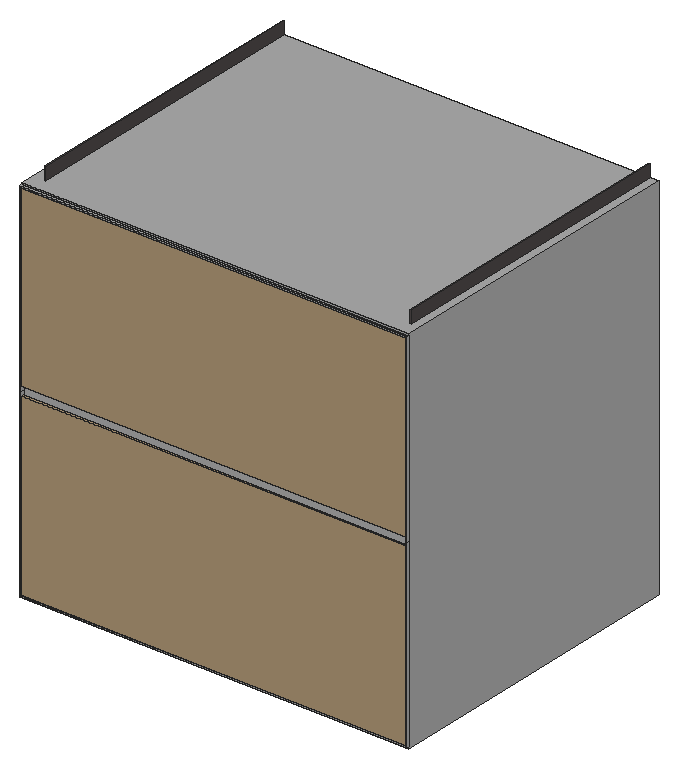
Revit family "vanity unit-hansgrohe-54177XXX-Xevolos E Vanity unit Slate Matt Grey 580_475 with 2 drawers for washbasin", category Furniture, Revit 2019
Family settings
  OmniClass Number = 23.40.00.00
  OmniClass Title = Equipment and Furnishings
  Work Plane-Based = No
  Always vertical = Yes
  Cut with Voids When Loaded = No
  Shared = Yes
  Room Calculation Point = No
Parameters (values of type "54177390-SLATE_MATT_GREY-PATTEREND_BRONZE-200")
  etim7_EC011381 = "EC011381"
  WEIGHT = "29.8"
  UNSPSC = "56 | Furniture and Furnishings"
  UNIFORMATII = "E2010 | Fixed Furnishings"
  UNICLASS_2015_CODE = "40_30_78_05"
  UNICLASS2015 = "Pr_40_30_78_05 | Bathroom furniture"
  SURFACE = "PATTEREND_BRONZE"
  REGION = "Worldwide"
  PRODUCTURL = "https://pro.hansgrohe.com/articledetail--54177770"
  PERMALINK = "54177XXX"
  OMNICLASS = "23-21 19 15 33 13 | Residential Bathroom Specialty Casework"
  OBJECTTYPE = "Object (single object)"
  OBERFLAECHE = "SLATE_MATT_GREY"
  NN = "Vanity unit with 2 drawers for handrinse basin"
  NBSYN = "$ARTNR.-$OBERFLAECHE.-$SURFACE.-$LODLEVEL."
  NB = "54177390-SLATE_MATT_GREY-PATTEREND_BRONZE-200"
  NAME = "Xevolos E Vanity unit Slate Matt Grey 580/475 with 2 drawers for washbasin"
  Model = "54177390-SLATE_MATT_GREY-PATTEREND_BRONZE-200"
  Manufacturer = "Hansgrohe"
  MIdent = "{$CADENAS_DATA/23d-libs/hansgrohe/xevolos_furniture/xevolos_vanity_unit_2_drawers_handrinse_basin/vanity_unit_2_drawers_for_handrinse_basin.prj},279 {VTYP=3D},{NB=54177390-SLATE_MATT_GREY-PATTEREND_BRONZE-200},{LINA=54177390-SLATE_MATT_GREY-PATTEREND_BRONZE-200},{NN=Vanity unit with 2 drawers for handrinse basin},{DATE=13.03.2023 12:26:32},{GEOMDATE=12.03.2023 06:54:00},{VERSION=},{LINEID=160},{WBVAR=LODLEVEL},{WBNUMERIC=}  {NB=54177390-SLATE_MATT_GREY-PATTEREND_BRONZE-200},{LINA=54177390-SLATE_MATT_GREY-PATTEREND_BRONZE-200},{KT=DUMMY},{IDNR=16},{ARTNR=54177390},{BASENUMBER=54177},{MODEL=54177XXX},{OBERFLAECHE=SLATE_MATT_GREY},{SURFACE=PATTEREND_BRONZE},{L=580},{LODLEVEL=200},{LODLEVELX='400','400','200','200'},{NAME=Xevolos E Vanity unit Slate Matt Grey 580/475 with 2 drawers for washbasin},{PERMALINK=54177XXX},{OBJECTTYPE=Object (single object)},{BIMOBJECT=Sanitary: Compound units},{COLLECTIONSET=Xevolos E},{COLLECTION=vanity unit},{WEIGHT=29.8},{DESCRIPTION=Xevolos E Vanity unit Slate Matt Grey 580/475 with 2 drawers for washbasin},{PRODUCTURL=https://pro.hansgrohe.com/articledetail--54177770},{GTINCODE=0},{TENDERURL=0},{IFC=Furnishing element},{ETIM=EC011381 | Bathroom furniture set},{UNICLASS2015=Pr_40_30_78_05 | Bathroom furniture},{OMNICLASS=23-21 19 15 33 13 | Residential Bathroom Specialty Casework},{MASTERFORMAT=12 35 30.23 | Bathroom Casework},{UNSPSC=56 | Furniture and Furnishings},{UNIFORMATII=E2010 | Fixed Furnishings},{REGION=Worldwide},{DESIGN=Germany},{MANUFACTURER=Germany}"
  MASTERFORMAT = "12 35 30.23 | Bathroom Casework"
  LODLEVEL = "200"
  LINA = "54177390-SLATE_MATT_GREY-PATTEREND_BRONZE-200"
  L = 580
  IFC = "Furnishing element"
  IDNR = 16
  ETIM = "EC011381 | Bathroom furniture set"
  DESIGN = "Germany"
  COLLECTIONSET = "Xevolos E"
  COLLECTION = "vanity unit"
  CATALOG = "Hansgrohe"
  BIMOBJECT = "Sanitary: Compound units"
  BASENUMBER = "54177"
  ARTNR = "54177390"
  54177770-SLATE_MATT_GREY-METALLIC_SLATE_GREY-400_RX0RY0RZ0TX0TY0TZ0_V = no
  54177770-SLATE_MATT_GREY-METALLIC_SLATE_GREY-200_RX0RY0RZ0TX0TY0TZ0_V = no
  54177730-SLATE_MATT_GREY-DARK_OAK-400_RX0RY0RZ0TX0TY0TZ0_V = no
  54177730-SLATE_MATT_GREY-DARK_OAK-200_RX0RY0RZ0TX0TY0TZ0_V = no
  54177390-SLATE_MATT_GREY-PATTEREND_BRONZE-400_RX0RY0RZ0TX0TY0TZ0_V = no
  54177390-SLATE_MATT_GREY-PATTEREND_BRONZE-200_RX0RY0RZ0TX0TY0TZ0_V = yes
Types (6, lengths in mm): name | SURFACE | NB | Model | MIdent | LODLEVEL | LINA | IDNR | ARTNR | 54177770-SLATE_MATT_GREY-METALLIC_SLATE_GREY-400_RX0RY0RZ0TX0TY0TZ0_V | 54177770-SLATE_MATT_GREY-METALLIC_SLATE_GREY-200_RX0RY0RZ0TX0TY0TZ0_V | 54177730-SLATE_MATT_GREY-DARK_OAK-400_RX0RY0RZ0TX0TY0TZ0_V | 54177730-SLATE_MATT_GREY-DARK_OAK-200_RX0RY0RZ0TX0TY0TZ0_V | 54177390-SLATE_MATT_GREY-PATTEREND_BRONZE-400_RX0RY0RZ0TX0TY0TZ0_V | 54177390-SLATE_MATT_GREY-PATTEREND_BRONZE-200_RX0RY0RZ0TX0TY0TZ0_V
  54177390-SLATE_MATT_GREY-PATTEREND_BRONZE-200 | "PATTEREND_BRONZE" | "54177390-SLATE_MATT_GREY-PATTEREND_BRONZE-200" | "54177390-SLATE_MATT_GREY-PATTEREND_BRONZE-200" | "{$CADENAS_DATA/23d-libs/hansgrohe/xevolos_furniture/xevolos_vanity_unit_2_drawers_handrinse_basin/vanity_unit_2_drawers_for_handrinse_basin.prj},279 {VTYP=3D},{NB=54177390-SLATE_MATT_GREY-PATTEREND_BRONZE-200},{LINA=54177390-SLATE_MATT_GREY-PATTEREND_BRONZE-200},{NN=Vanity unit with 2 drawers for handrinse basin},{DATE=13.03.2023 12:26:32},{GEOMDATE=12.03.2023 06:54:00},{VERSION=},{LINEID=160},{WBVAR=LODLEVEL},{WBNUMERIC=}  {NB=54177390-SLATE_MATT_GREY-PATTEREND_BRONZE-200},{LINA=54177390-SLATE_MATT_GREY-PATTEREND_BRONZE-200},{KT=DUMMY},{IDNR=16},{ARTNR=54177390},{BASENUMBER=54177},{MODEL=54177XXX},{OBERFLAECHE=SLATE_MATT_GREY},{SURFACE=PATTEREND_BRONZE},{L=580},{LODLEVEL=200},{LODLEVELX='400','400','200','200'},{NAME=Xevolos E Vanity unit Slate Matt Grey 580/475 with 2 drawers for washbasin},{PERMALINK=54177XXX},{OBJECTTYPE=Object (single object)},{BIMOBJECT=Sanitary: Compound units},{COLLECTIONSET=Xevolos E},{COLLECTION=vanity unit},{WEIGHT=29.8},{DESCRIPTION=Xevolos E Vanity unit Slate Matt Grey 580/475 with 2 drawers for washbasin},{PRODUCTURL=https://pro.hansgrohe.com/articledetail--54177770},{GTINCODE=0},{TENDERURL=0},{IFC=Furnishing element},{ETIM=EC011381 | Bathroom furniture set},{UNICLASS2015=Pr_40_30_78_05 | Bathroom furniture},{OMNICLASS=23-21 19 15 33 13 | Residential Bathroom Specialty Casework},{MASTERFORMAT=12 35 30.23 | Bathroom Casework},{UNSPSC=56 | Furniture and Furnishings},{UNIFORMATII=E2010 | Fixed Furnishings},{REGION=Worldwide},{DESIGN=Germany},{MANUFACTURER=Germany}" | "200" | "54177390-SLATE_MATT_GREY-PATTEREND_BRONZE-200" | 16 | "54177390" | no | no | no | no | no | yes
  54177390-SLATE_MATT_GREY-PATTEREND_BRONZE-400 | "PATTEREND_BRONZE" | "54177390-SLATE_MATT_GREY-PATTEREND_BRONZE-400" | "54177390-SLATE_MATT_GREY-PATTEREND_BRONZE-400" | "{$CADENAS_DATA/23d-libs/hansgrohe/xevolos_furniture/xevolos_vanity_unit_2_drawers_handrinse_basin/vanity_unit_2_drawers_for_handrinse_basin.prj},279 {VTYP=3D},{NB=54177390-SLATE_MATT_GREY-PATTEREND_BRONZE-400},{LINA=54177390-SLATE_MATT_GREY-PATTEREND_BRONZE-400},{NN=Vanity unit with 2 drawers for handrinse basin},{DATE=13.03.2023 12:26:32},{GEOMDATE=12.03.2023 06:54:00},{VERSION=},{LINEID=160},{WBVAR=LODLEVEL},{WBNUMERIC=}  {NB=54177390-SLATE_MATT_GREY-PATTEREND_BRONZE-400},{LINA=54177390-SLATE_MATT_GREY-PATTEREND_BRONZE-400},{KT=DUMMY},{IDNR=16},{ARTNR=54177390},{BASENUMBER=54177},{MODEL=54177XXX},{OBERFLAECHE=SLATE_MATT_GREY},{SURFACE=PATTEREND_BRONZE},{L=580},{LODLEVEL=400},{LODLEVELX='400','400','200','200'},{NAME=Xevolos E Vanity unit Slate Matt Grey 580/475 with 2 drawers for washbasin},{PERMALINK=54177XXX},{OBJECTTYPE=Object (single object)},{BIMOBJECT=Sanitary: Compound units},{COLLECTIONSET=Xevolos E},{COLLECTION=vanity unit},{WEIGHT=29.8},{DESCRIPTION=Xevolos E Vanity unit Slate Matt Grey 580/475 with 2 drawers for washbasin},{PRODUCTURL=https://pro.hansgrohe.com/articledetail--54177770},{GTINCODE=0},{TENDERURL=0},{IFC=Furnishing element},{ETIM=EC011381 | Bathroom furniture set},{UNICLASS2015=Pr_40_30_78_05 | Bathroom furniture},{OMNICLASS=23-21 19 15 33 13 | Residential Bathroom Specialty Casework},{MASTERFORMAT=12 35 30.23 | Bathroom Casework},{UNSPSC=56 | Furniture and Furnishings},{UNIFORMATII=E2010 | Fixed Furnishings},{REGION=Worldwide},{DESIGN=Germany},{MANUFACTURER=Germany}" | "400" | "54177390-SLATE_MATT_GREY-PATTEREND_BRONZE-400" | 16 | "54177390" | no | no | no | no | yes | no
  54177730-SLATE_MATT_GREY-DARK_OAK-200 | "DARK_OAK" | "54177730-SLATE_MATT_GREY-DARK_OAK-200" | "54177730-SLATE_MATT_GREY-DARK_OAK-200" | "{$CADENAS_DATA/23d-libs/hansgrohe/xevolos_furniture/xevolos_vanity_unit_2_drawers_handrinse_basin/vanity_unit_2_drawers_for_handrinse_basin.prj},263 {VTYP=3D},{NB=54177730-SLATE_MATT_GREY-DARK_OAK-200},{LINA=54177730-SLATE_MATT_GREY-DARK_OAK-200},{NN=Vanity unit with 2 drawers for handrinse basin},{DATE=13.03.2023 12:26:32},{GEOMDATE=12.03.2023 06:54:00},{VERSION=},{LINEID=170},{WBVAR=LODLEVEL},{WBNUMERIC=}  {NB=54177730-SLATE_MATT_GREY-DARK_OAK-200},{LINA=54177730-SLATE_MATT_GREY-DARK_OAK-200},{KT=DUMMY},{IDNR=17},{ARTNR=54177730},{BASENUMBER=54177},{MODEL=54177XXX},{OBERFLAECHE=SLATE_MATT_GREY},{SURFACE=DARK_OAK},{L=580},{LODLEVEL=200},{LODLEVELX='400','400','200','200'},{NAME=Xevolos E Vanity unit Slate Matt Grey 580/475 with 2 drawers for washbasin},{PERMALINK=54177XXX},{OBJECTTYPE=Object (single object)},{BIMOBJECT=Sanitary: Compound units},{COLLECTIONSET=Xevolos E},{COLLECTION=vanity unit},{WEIGHT=29.8},{DESCRIPTION=Xevolos E Vanity unit Slate Matt Grey 580/475 with 2 drawers for washbasin},{PRODUCTURL=https://pro.hansgrohe.com/articledetail--54177770},{GTINCODE=0},{TENDERURL=0},{IFC=Furnishing element},{ETIM=EC011381 | Bathroom furniture set},{UNICLASS2015=Pr_40_30_78_05 | Bathroom furniture},{OMNICLASS=23-21 19 15 33 13 | Residential Bathroom Specialty Casework},{MASTERFORMAT=12 35 30.23 | Bathroom Casework},{UNSPSC=56 | Furniture and Furnishings},{UNIFORMATII=E2010 | Fixed Furnishings},{REGION=Worldwide},{DESIGN=Germany},{MANUFACTURER=Germany}" | "200" | "54177730-SLATE_MATT_GREY-DARK_OAK-200" | 17 | "54177730" | no | no | no | yes | no | no
  54177730-SLATE_MATT_GREY-DARK_OAK-400 | "DARK_OAK" | "54177730-SLATE_MATT_GREY-DARK_OAK-400" | "54177730-SLATE_MATT_GREY-DARK_OAK-400" | "{$CADENAS_DATA/23d-libs/hansgrohe/xevolos_furniture/xevolos_vanity_unit_2_drawers_handrinse_basin/vanity_unit_2_drawers_for_handrinse_basin.prj},263 {VTYP=3D},{NB=54177730-SLATE_MATT_GREY-DARK_OAK-400},{LINA=54177730-SLATE_MATT_GREY-DARK_OAK-400},{NN=Vanity unit with 2 drawers for handrinse basin},{DATE=13.03.2023 12:26:32},{GEOMDATE=12.03.2023 06:54:00},{VERSION=},{LINEID=170},{WBVAR=LODLEVEL},{WBNUMERIC=}  {NB=54177730-SLATE_MATT_GREY-DARK_OAK-400},{LINA=54177730-SLATE_MATT_GREY-DARK_OAK-400},{KT=DUMMY},{IDNR=17},{ARTNR=54177730},{BASENUMBER=54177},{MODEL=54177XXX},{OBERFLAECHE=SLATE_MATT_GREY},{SURFACE=DARK_OAK},{L=580},{LODLEVEL=400},{LODLEVELX='400','400','200','200'},{NAME=Xevolos E Vanity unit Slate Matt Grey 580/475 with 2 drawers for washbasin},{PERMALINK=54177XXX},{OBJECTTYPE=Object (single object)},{BIMOBJECT=Sanitary: Compound units},{COLLECTIONSET=Xevolos E},{COLLECTION=vanity unit},{WEIGHT=29.8},{DESCRIPTION=Xevolos E Vanity unit Slate Matt Grey 580/475 with 2 drawers for washbasin},{PRODUCTURL=https://pro.hansgrohe.com/articledetail--54177770},{GTINCODE=0},{TENDERURL=0},{IFC=Furnishing element},{ETIM=EC011381 | Bathroom furniture set},{UNICLASS2015=Pr_40_30_78_05 | Bathroom furniture},{OMNICLASS=23-21 19 15 33 13 | Residential Bathroom Specialty Casework},{MASTERFORMAT=12 35 30.23 | Bathroom Casework},{UNSPSC=56 | Furniture and Furnishings},{UNIFORMATII=E2010 | Fixed Furnishings},{REGION=Worldwide},{DESIGN=Germany},{MANUFACTURER=Germany}" | "400" | "54177730-SLATE_MATT_GREY-DARK_OAK-400" | 17 | "54177730" | no | no | yes | no | no | no
  54177770-SLATE_MATT_GREY-METALLIC_SLATE_GREY-200 | "METALLIC_SLATE_GREY" | "54177770-SLATE_MATT_GREY-METALLIC_SLATE_GREY-200" | "54177770-SLATE_MATT_GREY-METALLIC_SLATE_GREY-200" | "{$CADENAS_DATA/23d-libs/hansgrohe/xevolos_furniture/xevolos_vanity_unit_2_drawers_handrinse_basin/vanity_unit_2_drawers_for_handrinse_basin.prj},285 {VTYP=3D},{NB=54177770-SLATE_MATT_GREY-METALLIC_SLATE_GREY-200},{LINA=54177770-SLATE_MATT_GREY-METALLIC_SLATE_GREY-200},{NN=Vanity unit with 2 drawers for handrinse basin},{DATE=13.03.2023 12:26:32},{GEOMDATE=12.03.2023 06:54:00},{VERSION=},{LINEID=180},{WBVAR=LODLEVEL},{WBNUMERIC=}  {NB=54177770-SLATE_MATT_GREY-METALLIC_SLATE_GREY-200},{LINA=54177770-SLATE_MATT_GREY-METALLIC_SLATE_GREY-200},{KT=DUMMY},{IDNR=18},{ARTNR=54177770},{BASENUMBER=54177},{MODEL=54177XXX},{OBERFLAECHE=SLATE_MATT_GREY},{SURFACE=METALLIC_SLATE_GREY},{L=580},{LODLEVEL=200},{LODLEVELX='400','400','200','200'},{NAME=Xevolos E Vanity unit Slate Matt Grey 580/475 with 2 drawers for washbasin},{PERMALINK=54177XXX},{OBJECTTYPE=Object (single object)},{BIMOBJECT=Sanitary: Compound units},{COLLECTIONSET=Xevolos E},{COLLECTION=vanity unit},{WEIGHT=29.8},{DESCRIPTION=Xevolos E Vanity unit Slate Matt Grey 580/475 with 2 drawers for washbasin},{PRODUCTURL=https://pro.hansgrohe.com/articledetail--54177770},{GTINCODE=0},{TENDERURL=0},{IFC=Furnishing element},{ETIM=EC011381 | Bathroom furniture set},{UNICLASS2015=Pr_40_30_78_05 | Bathroom furniture},{OMNICLASS=23-21 19 15 33 13 | Residential Bathroom Specialty Casework},{MASTERFORMAT=12 35 30.23 | Bathroom Casework},{UNSPSC=56 | Furniture and Furnishings},{UNIFORMATII=E2010 | Fixed Furnishings},{REGION=Worldwide},{DESIGN=Germany},{MANUFACTURER=Germany}" | "200" | "54177770-SLATE_MATT_GREY-METALLIC_SLATE_GREY-200" | 18 | "54177770" | no | yes | no | no | no | no
  54177770-SLATE_MATT_GREY-METALLIC_SLATE_GREY-400 | "METALLIC_SLATE_GREY" | "54177770-SLATE_MATT_GREY-METALLIC_SLATE_GREY-400" | "54177770-SLATE_MATT_GREY-METALLIC_SLATE_GREY-400" | "{$CADENAS_DATA/23d-libs/hansgrohe/xevolos_furniture/xevolos_vanity_unit_2_drawers_handrinse_basin/vanity_unit_2_drawers_for_handrinse_basin.prj},285 {VTYP=3D},{NB=54177770-SLATE_MATT_GREY-METALLIC_SLATE_GREY-400},{LINA=54177770-SLATE_MATT_GREY-METALLIC_SLATE_GREY-400},{NN=Vanity unit with 2 drawers for handrinse basin},{DATE=13.03.2023 12:26:32},{GEOMDATE=12.03.2023 06:54:00},{VERSION=},{LINEID=180},{WBVAR=LODLEVEL},{WBNUMERIC=}  {NB=54177770-SLATE_MATT_GREY-METALLIC_SLATE_GREY-400},{LINA=54177770-SLATE_MATT_GREY-METALLIC_SLATE_GREY-400},{KT=DUMMY},{IDNR=18},{ARTNR=54177770},{BASENUMBER=54177},{MODEL=54177XXX},{OBERFLAECHE=SLATE_MATT_GREY},{SURFACE=METALLIC_SLATE_GREY},{L=580},{LODLEVEL=400},{LODLEVELX='400','400','200','200'},{NAME=Xevolos E Vanity unit Slate Matt Grey 580/475 with 2 drawers for washbasin},{PERMALINK=54177XXX},{OBJECTTYPE=Object (single object)},{BIMOBJECT=Sanitary: Compound units},{COLLECTIONSET=Xevolos E},{COLLECTION=vanity unit},{WEIGHT=29.8},{DESCRIPTION=Xevolos E Vanity unit Slate Matt Grey 580/475 with 2 drawers for washbasin},{PRODUCTURL=https://pro.hansgrohe.com/articledetail--54177770},{GTINCODE=0},{TENDERURL=0},{IFC=Furnishing element},{ETIM=EC011381 | Bathroom furniture set},{UNICLASS2015=Pr_40_30_78_05 | Bathroom furniture},{OMNICLASS=23-21 19 15 33 13 | Residential Bathroom Specialty Casework},{MASTERFORMAT=12 35 30.23 | Bathroom Casework},{UNSPSC=56 | Furniture and Furnishings},{UNIFORMATII=E2010 | Fixed Furnishings},{REGION=Worldwide},{DESIGN=Germany},{MANUFACTURER=Germany}" | "400" | "54177770-SLATE_MATT_GREY-METALLIC_SLATE_GREY-400" | 18 | "54177770" | yes | no | no | no | no | no
Reference planes
  plane 1 "Center (Front/Back)": y = 0
  plane 2: z = 0
  plane 3 "Center (Left/Right)": x = 0
Dimensions and locks
  aligned and locked: level to plane 2
Nested families
  nested 1: "54177390-slate_matt_grey-patterend_bronze-200_content" at (0, 0, 0), visible <- "54177390-SLATE_MATT_GREY-PATTEREND_BRONZE-200_RX0RY0RZ0TX0TY0TZ0_V", ContentVisible <- "54177390-SLATE_MATT_GREY-PATTEREND_BRONZE-200_RX0RY0RZ0TX0TY0TZ0_V", type "54177390-SLATE_MATT_GREY-PATTEREND_BRONZE-200_Content"
    with ContentVisible yes
  nested 2: "54177390-slate_matt_grey-patterend_bronze-400_content" at (0, 0, 0), visible <- "54177390-SLATE_MATT_GREY-PATTEREND_BRONZE-400_RX0RY0RZ0TX0TY0TZ0_V", ContentVisible <- "54177390-SLATE_MATT_GREY-PATTEREND_BRONZE-400_RX0RY0RZ0TX0TY0TZ0_V", type "54177390-SLATE_MATT_GREY-PATTEREND_BRONZE-400_Content"
    with ContentVisible no
  nested 3: "54177730-slate_matt_grey-dark_oak-200_content" at (0, 0, 0), visible <- "54177730-SLATE_MATT_GREY-DARK_OAK-200_RX0RY0RZ0TX0TY0TZ0_V", ContentVisible <- "54177730-SLATE_MATT_GREY-DARK_OAK-200_RX0RY0RZ0TX0TY0TZ0_V", type "54177730-SLATE_MATT_GREY-DARK_OAK-200_Content"
    with ContentVisible no
  nested 4: "54177730-slate_matt_grey-dark_oak-400_content" at (0, 0, 0), visible <- "54177730-SLATE_MATT_GREY-DARK_OAK-400_RX0RY0RZ0TX0TY0TZ0_V", ContentVisible <- "54177730-SLATE_MATT_GREY-DARK_OAK-400_RX0RY0RZ0TX0TY0TZ0_V", type "54177730-SLATE_MATT_GREY-DARK_OAK-400_Content"
    with ContentVisible no
  nested 5: "54177770-slate_matt_grey-metallic_slate_grey-200_content" at (0, 0, 0), visible <- "54177770-SLATE_MATT_GREY-METALLIC_SLATE_GREY-200_RX0RY0RZ0TX0TY0TZ0_V", ContentVisible <- "54177770-SLATE_MATT_GREY-METALLIC_SLATE_GREY-200_RX0RY0RZ0TX0TY0TZ0_V", type "54177770-SLATE_MATT_GREY-METALLIC_SLATE_GREY-200_Content"
    with ContentVisible no
  nested 6: "54177770-slate_matt_grey-metallic_slate_grey-400_content" at (0, 0, 0), visible <- "54177770-SLATE_MATT_GREY-METALLIC_SLATE_GREY-400_RX0RY0RZ0TX0TY0TZ0_V", ContentVisible <- "54177770-SLATE_MATT_GREY-METALLIC_SLATE_GREY-400_RX0RY0RZ0TX0TY0TZ0_V", type "54177770-SLATE_MATT_GREY-METALLIC_SLATE_GREY-400_Content"
    with ContentVisible no
Definition of nested family "54177390-slate_matt_grey-patterend_bronze-200_content"
  Parameters (values of type "54177390-SLATE_MATT_GREY-PATTEREND_BRONZE-200_Content")
    etim7_EC011381 = "EC011381"
    WEIGHT = "29.8"
    UNSPSC = "56 | Furniture and Furnishings"
    UNIFORMATII = "E2010 | Fixed Furnishings"
    UNICLASS_2015_CODE = "40_30_78_05"
    UNICLASS2015 = "Pr_40_30_78_05 | Bathroom furniture"
    SURFACE = "PATTEREND_BRONZE"
    REGION = "Worldwide"
    PRODUCTURL = "https://pro.hansgrohe.com/articledetail--54177770"
    PERMALINK = "54177XXX"
    OMNICLASS = "23-21 19 15 33 13 | Residential Bathroom Specialty Casework"
    OBJECTTYPE = "Object (single object)"
    OBERFLAECHE = "SLATE_MATT_GREY"
    NN = "Vanity unit with 2 drawers for handrinse basin"
    NBSYN = "$ARTNR.-$OBERFLAECHE.-$SURFACE.-$LODLEVEL."
    NB = "54177390-SLATE_MATT_GREY-PATTEREND_BRONZE-200"
    NAME = "Xevolos E Vanity unit Slate Matt Grey 580/475 with 2 drawers for washbasin"
    Model = "54177390-SLATE_MATT_GREY-PATTEREND_BRONZE-200"
    Manufacturer = "Hansgrohe"
    MASTERFORMAT = "12 35 30.23 | Bathroom Casework"
    LODLEVEL = "200"
    LINA = "54177390-SLATE_MATT_GREY-PATTEREND_BRONZE-200"
    L = 580
    IFC = "Furnishing element"
    IDNR = 16
    ETIM = "EC011381 | Bathroom furniture set"
    Default Elevation = 1219.2 mm
    DESIGN = "Germany"
    ContentVisible [instance] = yes
    COLLECTIONSET = "Xevolos E"
    COLLECTION = "vanity unit"
    CATALOG = "Hansgrohe"
    BIMOBJECT = "Sanitary: Compound units"
    BASENUMBER = "54177"
    ARTNR = "54177390"
  Reference planes
    plane 1 "Center (Front/Back)": y = 0
    plane 2: z = 0
    plane 3 "Center (Left/Right)": x = 0
  Forms (mm)
    Extrusion 1, solid, visible <- "ContentVisible", detail levels medium+fine
      sketch origin (0, 0, 0) x (1, 0, 0) y (0, 1, 0)
        loop
          line (-290, 0) -> (-290, -468.3) -> (290, -468.3) -> (290, 0) -> (-290, 0)
      from 0 to 556
    Extrusion 2, solid, visible <- "ContentVisible", detail levels medium+fine
      sketch origin (0, -468.3, 0) x (1, 0, 0) y (0, 0, -1)
        loop
          line (-290, -278) -> (-288, -278) -> (-288, -4) -> (288, -4) -> (288, -278) -> (290, -278) -> (290, -2) -> (-290, -2) -> (-290, -278)
      from -4 to 0
    Extrusion 3, solid, visible <- "ContentVisible", detail levels medium+fine
      sketch origin (0, -468.3, 0) x (1, 0, 0) y (0, 0, -1)
        loop
          line (-290, -278) -> (-290, -554) -> (290, -554) -> (290, -278) -> (288, -278) -> (288, -552) -> (-288, -552) -> (-288, -278) -> (-290, -278)
      from -4 to 0
    Extrusion 4, solid, visible <- "ContentVisible", detail levels medium+fine
      sketch origin (0, -468.3, 0) x (1, 0, 0) y (0, 0, -1)
        loop
          line (-288, -272.5) -> (288, -272.5) -> (288, -4.5) -> (-288, -4.5) -> (-288, -272.5)
      from -4 to 0
    Extrusion 5, solid, visible <- "ContentVisible", detail levels medium+fine
      sketch origin (0, -468.3, 0) x (1, 0, 0) y (0, 0, -1)
        loop
          line (-288, -553.5) -> (288, -553.5) -> (288, -285.5) -> (-288, -285.5) -> (-288, -553.5)
      from -4 to 0
    Extrusion 6, solid, visible <- "ContentVisible", detail levels medium+fine
      sketch origin (-274, 0, 0) x (0, 0, -1) y (0, 1, 0)
        loop
          line (-574, 0) -> (-574, -446) -> (-534, -446) -> (-534, 0) -> (-574, 0)
      from 0 to 2
    Extrusion 7, solid, visible <- "ContentVisible", detail levels medium+fine
      sketch origin (274, 0, 0) x (0, 0, -1) y (0, 1, 0)
        loop
          line (-574, 0) -> (-574, -446) -> (-534, -446) -> (-534, 0) -> (-574, 0)
      from 0 to 2
    Extrusion 8, solid, visible <- "ContentVisible", detail levels coarse
      sketch origin (0, -236.15, 0) x (1, 0, 0) y (0, 1, 0)
        loop
          line (-290, -236.15) -> (290, -236.15) -> (290, 236.15) -> (-290, 236.15) -> (-290, -236.15)
      from 0 to 574
  Dimensions and locks
    aligned and locked: level to plane 2
Definition of nested family "54177390-slate_matt_grey-patterend_bronze-400_content"
  Parameters (values of type "54177390-SLATE_MATT_GREY-PATTEREND_BRONZE-400_Content")
    etim7_EC011381 = "EC011381"
    WEIGHT = "29.8"
    UNSPSC = "56 | Furniture and Furnishings"
    UNIFORMATII = "E2010 | Fixed Furnishings"
    UNICLASS_2015_CODE = "40_30_78_05"
    UNICLASS2015 = "Pr_40_30_78_05 | Bathroom furniture"
    SURFACE = "PATTEREND_BRONZE"
    REGION = "Worldwide"
    PRODUCTURL = "https://pro.hansgrohe.com/articledetail--54177770"
    PERMALINK = "54177XXX"
    OMNICLASS = "23-21 19 15 33 13 | Residential Bathroom Specialty Casework"
    OBJECTTYPE = "Object (single object)"
    OBERFLAECHE = "SLATE_MATT_GREY"
    NN = "Vanity unit with 2 drawers for handrinse basin"
    NBSYN = "$ARTNR.-$OBERFLAECHE.-$SURFACE.-$LODLEVEL."
    NB = "54177390-SLATE_MATT_GREY-PATTEREND_BRONZE-400"
    NAME = "Xevolos E Vanity unit Slate Matt Grey 580/475 with 2 drawers for washbasin"
    Model = "54177390-SLATE_MATT_GREY-PATTEREND_BRONZE-400"
    Manufacturer = "Hansgrohe"
    MASTERFORMAT = "12 35 30.23 | Bathroom Casework"
    LODLEVEL = "400"
    LINA = "54177390-SLATE_MATT_GREY-PATTEREND_BRONZE-400"
    L = 580
    IFC = "Furnishing element"
    IDNR = 16
    ETIM = "EC011381 | Bathroom furniture set"
    Default Elevation = 1219.2 mm
    DESIGN = "Germany"
    ContentVisible [instance] = yes
    COLLECTIONSET = "Xevolos E"
    COLLECTION = "vanity unit"
    CATALOG = "Hansgrohe"
    BIMOBJECT = "Sanitary: Compound units"
    BASENUMBER = "54177"
    ARTNR = "54177390"
  Reference planes
    plane 1 "Center (Front/Back)": y = 0
    plane 2: z = 0
    plane 3 "Center (Left/Right)": x = 0
  Forms (mm)
    Extrusion 1, solid, visible <- "ContentVisible", detail levels medium+fine
      sketch origin (0, 0, 0) x (1, 0, 0) y (0, 1, 0)
        loop
          line (-290, 0) -> (-290, -472.3) -> (-288, -472.3) -> (-288, -468.3) -> (-274, -468.3) -> (-274, 0) -> (-290, 0)
      from 0 to 556
    Extrusion 2, solid, visible <- "ContentVisible", detail levels medium+fine
      sketch origin (0, 0, 0) x (1, 0, 0) y (0, 1, 0)
        loop
          line (-274, -79) -> (-274, -445.5) -> (274, -445.5) -> (274, -79) -> (-274, -79)
      from 0 to 16
    Extrusion 3, solid, visible <- "ContentVisible", detail levels medium+fine
      sketch origin (0, 0, 0) x (1, 0, 0) y (0, 1, 0)
        loop
          line (274, 0) -> (274, -468.3) -> (288, -468.3) -> (288, -472.3) -> (290, -472.3) -> (290, 0) -> (274, 0)
      from 0 to 556
    Extrusion 4, solid, visible <- "ContentVisible", detail levels medium+fine
      sketch origin (0, 0, 0.5) x (1, 0, 0) y (0, 1, 0)
        loop
          line (-274, -63) -> (-274, -79) -> (274, -79) -> (274, -63) -> (-274, -63)
      from 0 to 126
    Extrusion 5, solid, visible <- "ContentVisible", detail levels medium+fine
      sketch origin (0, 0, 2) x (1, 0, 0) y (0, 1, 0)
        loop
          line (-288, -451) -> (-288, -472.3) -> (288, -472.3) -> (288, -451) -> (-288, -451)
      from 0 to 2
    Extrusion 6, solid, visible <- "ContentVisible", detail levels medium+fine
      sketch origin (0, 0, 554) x (1, 0, 0) y (0, 1, 0)
        loop
          line (-288, -451) -> (-288, -472.3) -> (288, -472.3) -> (288, -451) -> (-288, -451)
      from -2 to 0
    Extrusion 7, solid, visible <- "ContentVisible", detail levels medium+fine
      sketch origin (0, -468.3, 0) x (1, 0, 0) y (0, 0, -1)
        loop
          line (-288, -272.5) -> (288, -272.5) -> (288, -4.5) -> (-288, -4.5) -> (-288, -272.5)
      from -4 to 0
    Extrusion 8, solid, visible <- "ContentVisible", detail levels medium+fine
      sketch origin (0, -468.3, 0) x (1, 0, 0) y (0, 0, -1)
        loop
          line (-288, -553.5) -> (288, -553.5) -> (288, -285.5) -> (-288, -285.5) -> (-288, -553.5)
      from -4 to 0
    Extrusion 9, solid, visible <- "ContentVisible", detail levels medium+fine
      sketch origin (0, 0, 272.5) x (1, 0, 0) y (0, 1, 0)
        loop
          line (-288, -451) -> (-288, -472.3) -> (288, -472.3) -> (288, -451) -> (-288, -451)
      from 0 to 2
    Extrusion 10, solid, visible <- "ContentVisible", detail levels medium+fine
      sketch origin (0, 0, 285.5) x (1, 0, 0) y (0, 1, 0)
        loop
          line (-288, -451) -> (-288, -472.3) -> (288, -472.3) -> (288, -451) -> (-288, -451)
      from -2 to 0
    Extrusion 11, solid, visible <- "ContentVisible", detail levels medium+fine
      sketch origin (0, -468.3, 0) x (1, 0, 0) y (0, 0, -1)
        loop
          line (-288, -274.5) -> (288, -274.5) -> (288, -4.5) -> (-288, -4.5) -> (-288, -274.5)
        loop
          line (-214, -78) -> (-214, -272.5) -> (214, -272.5) -> (214, -78) -> (-214, -78)
      from 0 to 17
    Extrusion 12, solid, visible <- "ContentVisible", detail levels medium+fine
      sketch origin (0, -468.3, 0) x (1, 0, 0) y (0, 0, -1)
        loop
          line (-288, -553.5) -> (-212, -553.5) -> (-212, -361.5) -> (212, -361.5) -> (212, -553.5) -> (288, -553.5) -> (288, -285.5) -> (-288, -285.5) -> (-288, -553.5)
      from 0 to 17
    Extrusion 13, solid, visible <- "ContentVisible", detail levels medium+fine
      sketch origin (-274, 0, 0) x (0, 0, -1) y (0, 1, 0)
        loop
          line (-574, 0) -> (-574, -446) -> (-534, -446) -> (-534, 0) -> (-574, 0)
      from 0 to 2
    Extrusion 14, solid, visible <- "ContentVisible", detail levels medium+fine
      sketch origin (274, 0, 0) x (0, 0, -1) y (0, 1, 0)
        loop
          line (-574, 0) -> (-574, -446) -> (-534, -446) -> (-534, 0) -> (-574, 0)
      from 0 to 2
    Extrusion 15, solid, visible <- "ContentVisible", detail levels medium+fine
      sketch origin (0, 0, 0) x (0, 0, -1) y (0, 1, 0)
        loop
          line (-285, -319.5) -> (-285, -444) -> (-269, -444) -> (-269, -319.5) -> (-285, -319.5)
      from -274 to 274
    Extrusion 16, solid, visible <- "ContentVisible", detail levels coarse
      sketch origin (0, -236.15, 0) x (1, 0, 0) y (0, 1, 0)
        loop
          line (-290, -236.15) -> (290, -236.15) -> (290, 236.15) -> (-290, 236.15) -> (-290, -236.15)
      from 0 to 574
  Dimensions and locks
    aligned and locked: level to plane 2
Definition of nested family "54177730-slate_matt_grey-dark_oak-200_content"
  Parameters (values of type "54177730-SLATE_MATT_GREY-DARK_OAK-200_Content")
    etim7_EC011381 = "EC011381"
    WEIGHT = "29.8"
    UNSPSC = "56 | Furniture and Furnishings"
    UNIFORMATII = "E2010 | Fixed Furnishings"
    UNICLASS_2015_CODE = "40_30_78_05"
    UNICLASS2015 = "Pr_40_30_78_05 | Bathroom furniture"
    SURFACE = "DARK_OAK"
    REGION = "Worldwide"
    PRODUCTURL = "https://pro.hansgrohe.com/articledetail--54177770"
    PERMALINK = "54177XXX"
    OMNICLASS = "23-21 19 15 33 13 | Residential Bathroom Specialty Casework"
    OBJECTTYPE = "Object (single object)"
    OBERFLAECHE = "SLATE_MATT_GREY"
    NN = "Vanity unit with 2 drawers for handrinse basin"
    NBSYN = "$ARTNR.-$OBERFLAECHE.-$SURFACE.-$LODLEVEL."
    NB = "54177730-SLATE_MATT_GREY-DARK_OAK-200"
    NAME = "Xevolos E Vanity unit Slate Matt Grey 580/475 with 2 drawers for washbasin"
    Model = "54177730-SLATE_MATT_GREY-DARK_OAK-200"
    Manufacturer = "Hansgrohe"
    MASTERFORMAT = "12 35 30.23 | Bathroom Casework"
    LODLEVEL = "200"
    LINA = "54177730-SLATE_MATT_GREY-DARK_OAK-200"
    L = 580
    IFC = "Furnishing element"
    IDNR = 17
    ETIM = "EC011381 | Bathroom furniture set"
    Default Elevation = 1219.2 mm
    DESIGN = "Germany"
    ContentVisible [instance] = yes
    COLLECTIONSET = "Xevolos E"
    COLLECTION = "vanity unit"
    CATALOG = "Hansgrohe"
    BIMOBJECT = "Sanitary: Compound units"
    BASENUMBER = "54177"
    ARTNR = "54177730"
  Reference planes
    plane 1 "Center (Front/Back)": y = 0
    plane 2: z = 0
    plane 3 "Center (Left/Right)": x = 0
  Forms (mm)
    Extrusion 1, solid, visible <- "ContentVisible", detail levels medium+fine
      sketch origin (0, 0, 0) x (1, 0, 0) y (0, 1, 0)
        loop
          line (-290, 0) -> (-290, -468.3) -> (290, -468.3) -> (290, 0) -> (-290, 0)
      from 0 to 556
    Extrusion 2, solid, visible <- "ContentVisible", detail levels medium+fine
      sketch origin (0, -468.3, 0) x (1, 0, 0) y (0, 0, -1)
        loop
          line (-290, -278) -> (-288, -278) -> (-288, -4) -> (288, -4) -> (288, -278) -> (290, -278) -> (290, -2) -> (-290, -2) -> (-290, -278)
      from -4 to 0
    Extrusion 3, solid, visible <- "ContentVisible", detail levels medium+fine
      sketch origin (0, -468.3, 0) x (1, 0, 0) y (0, 0, -1)
        loop
          line (-290, -278) -> (-290, -554) -> (290, -554) -> (290, -278) -> (288, -278) -> (288, -552) -> (-288, -552) -> (-288, -278) -> (-290, -278)
      from -4 to 0
    Extrusion 4, solid, visible <- "ContentVisible", detail levels medium+fine
      sketch origin (0, -468.3, 0) x (1, 0, 0) y (0, 0, -1)
        loop
          line (-288, -272.5) -> (288, -272.5) -> (288, -4.5) -> (-288, -4.5) -> (-288, -272.5)
      from -4 to 0
    Extrusion 5, solid, visible <- "ContentVisible", detail levels medium+fine
      sketch origin (0, -468.3, 0) x (1, 0, 0) y (0, 0, -1)
        loop
          line (-288, -553.5) -> (288, -553.5) -> (288, -285.5) -> (-288, -285.5) -> (-288, -553.5)
      from -4 to 0
    Extrusion 6, solid, visible <- "ContentVisible", detail levels medium+fine
      sketch origin (-274, 0, 0) x (0, 0, -1) y (0, 1, 0)
        loop
          line (-574, 0) -> (-574, -446) -> (-534, -446) -> (-534, 0) -> (-574, 0)
      from 0 to 2
    Extrusion 7, solid, visible <- "ContentVisible", detail levels medium+fine
      sketch origin (274, 0, 0) x (0, 0, -1) y (0, 1, 0)
        loop
          line (-574, 0) -> (-574, -446) -> (-534, -446) -> (-534, 0) -> (-574, 0)
      from 0 to 2
    Extrusion 8, solid, visible <- "ContentVisible", detail levels coarse
      sketch origin (0, -236.15, 0) x (1, 0, 0) y (0, 1, 0)
        loop
          line (-290, -236.15) -> (290, -236.15) -> (290, 236.15) -> (-290, 236.15) -> (-290, -236.15)
      from 0 to 574
  Dimensions and locks
    aligned and locked: level to plane 2
Definition of nested family "54177730-slate_matt_grey-dark_oak-400_content"
  Parameters (values of type "54177730-SLATE_MATT_GREY-DARK_OAK-400_Content")
    etim7_EC011381 = "EC011381"
    WEIGHT = "29.8"
    UNSPSC = "56 | Furniture and Furnishings"
    UNIFORMATII = "E2010 | Fixed Furnishings"
    UNICLASS_2015_CODE = "40_30_78_05"
    UNICLASS2015 = "Pr_40_30_78_05 | Bathroom furniture"
    SURFACE = "DARK_OAK"
    REGION = "Worldwide"
    PRODUCTURL = "https://pro.hansgrohe.com/articledetail--54177770"
    PERMALINK = "54177XXX"
    OMNICLASS = "23-21 19 15 33 13 | Residential Bathroom Specialty Casework"
    OBJECTTYPE = "Object (single object)"
    OBERFLAECHE = "SLATE_MATT_GREY"
    NN = "Vanity unit with 2 drawers for handrinse basin"
    NBSYN = "$ARTNR.-$OBERFLAECHE.-$SURFACE.-$LODLEVEL."
    NB = "54177730-SLATE_MATT_GREY-DARK_OAK-400"
    NAME = "Xevolos E Vanity unit Slate Matt Grey 580/475 with 2 drawers for washbasin"
    Model = "54177730-SLATE_MATT_GREY-DARK_OAK-400"
    Manufacturer = "Hansgrohe"
    MASTERFORMAT = "12 35 30.23 | Bathroom Casework"
    LODLEVEL = "400"
    LINA = "54177730-SLATE_MATT_GREY-DARK_OAK-400"
    L = 580
    IFC = "Furnishing element"
    IDNR = 17
    ETIM = "EC011381 | Bathroom furniture set"
    Default Elevation = 1219.2 mm
    DESIGN = "Germany"
    ContentVisible [instance] = yes
    COLLECTIONSET = "Xevolos E"
    COLLECTION = "vanity unit"
    CATALOG = "Hansgrohe"
    BIMOBJECT = "Sanitary: Compound units"
    BASENUMBER = "54177"
    ARTNR = "54177730"
  Reference planes
    plane 1 "Center (Front/Back)": y = 0
    plane 2: z = 0
    plane 3 "Center (Left/Right)": x = 0
  Forms (mm)
    Extrusion 1, solid, visible <- "ContentVisible", detail levels medium+fine
      sketch origin (0, 0, 0) x (1, 0, 0) y (0, 1, 0)
        loop
          line (-290, 0) -> (-290, -472.3) -> (-288, -472.3) -> (-288, -468.3) -> (-274, -468.3) -> (-274, 0) -> (-290, 0)
      from 0 to 556
    Extrusion 2, solid, visible <- "ContentVisible", detail levels medium+fine
      sketch origin (0, 0, 0) x (1, 0, 0) y (0, 1, 0)
        loop
          line (-274, -79) -> (-274, -445.5) -> (274, -445.5) -> (274, -79) -> (-274, -79)
      from 0 to 16
    Extrusion 3, solid, visible <- "ContentVisible", detail levels medium+fine
      sketch origin (0, 0, 0) x (1, 0, 0) y (0, 1, 0)
        loop
          line (274, 0) -> (274, -468.3) -> (288, -468.3) -> (288, -472.3) -> (290, -472.3) -> (290, 0) -> (274, 0)
      from 0 to 556
    Extrusion 4, solid, visible <- "ContentVisible", detail levels medium+fine
      sketch origin (0, 0, 0.5) x (1, 0, 0) y (0, 1, 0)
        loop
          line (-274, -63) -> (-274, -79) -> (274, -79) -> (274, -63) -> (-274, -63)
      from 0 to 126
    Extrusion 5, solid, visible <- "ContentVisible", detail levels medium+fine
      sketch origin (0, 0, 2) x (1, 0, 0) y (0, 1, 0)
        loop
          line (-288, -451) -> (-288, -472.3) -> (288, -472.3) -> (288, -451) -> (-288, -451)
      from 0 to 2
    Extrusion 6, solid, visible <- "ContentVisible", detail levels medium+fine
      sketch origin (0, 0, 554) x (1, 0, 0) y (0, 1, 0)
        loop
          line (-288, -451) -> (-288, -472.3) -> (288, -472.3) -> (288, -451) -> (-288, -451)
      from -2 to 0
    Extrusion 7, solid, visible <- "ContentVisible", detail levels medium+fine
      sketch origin (0, -468.3, 0) x (1, 0, 0) y (0, 0, -1)
        loop
          line (-288, -272.5) -> (288, -272.5) -> (288, -4.5) -> (-288, -4.5) -> (-288, -272.5)
      from -4 to 0
    Extrusion 8, solid, visible <- "ContentVisible", detail levels medium+fine
      sketch origin (0, -468.3, 0) x (1, 0, 0) y (0, 0, -1)
        loop
          line (-288, -553.5) -> (288, -553.5) -> (288, -285.5) -> (-288, -285.5) -> (-288, -553.5)
      from -4 to 0
    Extrusion 9, solid, visible <- "ContentVisible", detail levels medium+fine
      sketch origin (0, 0, 272.5) x (1, 0, 0) y (0, 1, 0)
        loop
          line (-288, -451) -> (-288, -472.3) -> (288, -472.3) -> (288, -451) -> (-288, -451)
      from 0 to 2
    Extrusion 10, solid, visible <- "ContentVisible", detail levels medium+fine
      sketch origin (0, 0, 285.5) x (1, 0, 0) y (0, 1, 0)
        loop
          line (-288, -451) -> (-288, -472.3) -> (288, -472.3) -> (288, -451) -> (-288, -451)
      from -2 to 0
    Extrusion 11, solid, visible <- "ContentVisible", detail levels medium+fine
      sketch origin (0, -468.3, 0) x (1, 0, 0) y (0, 0, -1)
        loop
          line (-288, -274.5) -> (288, -274.5) -> (288, -4.5) -> (-288, -4.5) -> (-288, -274.5)
        loop
          line (-214, -78) -> (-214, -272.5) -> (214, -272.5) -> (214, -78) -> (-214, -78)
      from 0 to 17
    Extrusion 12, solid, visible <- "ContentVisible", detail levels medium+fine
      sketch origin (0, -468.3, 0) x (1, 0, 0) y (0, 0, -1)
        loop
          line (-288, -553.5) -> (-212, -553.5) -> (-212, -361.5) -> (212, -361.5) -> (212, -553.5) -> (288, -553.5) -> (288, -285.5) -> (-288, -285.5) -> (-288, -553.5)
      from 0 to 17
    Extrusion 13, solid, visible <- "ContentVisible", detail levels medium+fine
      sketch origin (-274, 0, 0) x (0, 0, -1) y (0, 1, 0)
        loop
          line (-574, 0) -> (-574, -446) -> (-534, -446) -> (-534, 0) -> (-574, 0)
      from 0 to 2
    Extrusion 14, solid, visible <- "ContentVisible", detail levels medium+fine
      sketch origin (274, 0, 0) x (0, 0, -1) y (0, 1, 0)
        loop
          line (-574, 0) -> (-574, -446) -> (-534, -446) -> (-534, 0) -> (-574, 0)
      from 0 to 2
    Extrusion 15, solid, visible <- "ContentVisible", detail levels medium+fine
      sketch origin (0, 0, 0) x (0, 0, -1) y (0, 1, 0)
        loop
          line (-285, -319.5) -> (-285, -444) -> (-269, -444) -> (-269, -319.5) -> (-285, -319.5)
      from -274 to 274
    Extrusion 16, solid, visible <- "ContentVisible", detail levels coarse
      sketch origin (0, -236.15, 0) x (1, 0, 0) y (0, 1, 0)
        loop
          line (-290, -236.15) -> (290, -236.15) -> (290, 236.15) -> (-290, 236.15) -> (-290, -236.15)
      from 0 to 574
  Dimensions and locks
    aligned and locked: level to plane 2
Definition of nested family "54177770-slate_matt_grey-metallic_slate_grey-200_content"
  Parameters (values of type "54177770-SLATE_MATT_GREY-METALLIC_SLATE_GREY-200_Content")
    etim7_EC011381 = "EC011381"
    WEIGHT = "29.8"
    UNSPSC = "56 | Furniture and Furnishings"
    UNIFORMATII = "E2010 | Fixed Furnishings"
    UNICLASS_2015_CODE = "40_30_78_05"
    UNICLASS2015 = "Pr_40_30_78_05 | Bathroom furniture"
    SURFACE = "METALLIC_SLATE_GREY"
    REGION = "Worldwide"
    PRODUCTURL = "https://pro.hansgrohe.com/articledetail--54177770"
    PERMALINK = "54177XXX"
    OMNICLASS = "23-21 19 15 33 13 | Residential Bathroom Specialty Casework"
    OBJECTTYPE = "Object (single object)"
    OBERFLAECHE = "SLATE_MATT_GREY"
    NN = "Vanity unit with 2 drawers for handrinse basin"
    NBSYN = "$ARTNR.-$OBERFLAECHE.-$SURFACE.-$LODLEVEL."
    NB = "54177770-SLATE_MATT_GREY-METALLIC_SLATE_GREY-200"
    NAME = "Xevolos E Vanity unit Slate Matt Grey 580/475 with 2 drawers for washbasin"
    Model = "54177770-SLATE_MATT_GREY-METALLIC_SLATE_GREY-200"
    Manufacturer = "Hansgrohe"
    MASTERFORMAT = "12 35 30.23 | Bathroom Casework"
    LODLEVEL = "200"
    LINA = "54177770-SLATE_MATT_GREY-METALLIC_SLATE_GREY-200"
    L = 580
    IFC = "Furnishing element"
    IDNR = 18
    ETIM = "EC011381 | Bathroom furniture set"
    Default Elevation = 1219.2 mm
    DESIGN = "Germany"
    ContentVisible [instance] = yes
    COLLECTIONSET = "Xevolos E"
    COLLECTION = "vanity unit"
    CATALOG = "Hansgrohe"
    BIMOBJECT = "Sanitary: Compound units"
    BASENUMBER = "54177"
    ARTNR = "54177770"
  Reference planes
    plane 1 "Center (Front/Back)": y = 0
    plane 2: z = 0
    plane 3 "Center (Left/Right)": x = 0
  Forms (mm)
    Extrusion 1, solid, visible <- "ContentVisible", detail levels medium+fine
      sketch origin (0, 0, 0) x (1, 0, 0) y (0, 1, 0)
        loop
          line (-290, 0) -> (-290, -468.3) -> (290, -468.3) -> (290, 0) -> (-290, 0)
      from 0 to 556
    Extrusion 2, solid, visible <- "ContentVisible", detail levels medium+fine
      sketch origin (0, -468.3, 0) x (1, 0, 0) y (0, 0, -1)
        loop
          line (-290, -278) -> (-288, -278) -> (-288, -4) -> (288, -4) -> (288, -278) -> (290, -278) -> (290, -2) -> (-290, -2) -> (-290, -278)
      from -4 to 0
    Extrusion 3, solid, visible <- "ContentVisible", detail levels medium+fine
      sketch origin (0, -468.3, 0) x (1, 0, 0) y (0, 0, -1)
        loop
          line (-290, -278) -> (-290, -554) -> (290, -554) -> (290, -278) -> (288, -278) -> (288, -552) -> (-288, -552) -> (-288, -278) -> (-290, -278)
      from -4 to 0
    Extrusion 4, solid, visible <- "ContentVisible", detail levels medium+fine
      sketch origin (0, -468.3, 0) x (1, 0, 0) y (0, 0, -1)
        loop
          line (-288, -272.5) -> (288, -272.5) -> (288, -4.5) -> (-288, -4.5) -> (-288, -272.5)
      from -4 to 0
    Extrusion 5, solid, visible <- "ContentVisible", detail levels medium+fine
      sketch origin (0, -468.3, 0) x (1, 0, 0) y (0, 0, -1)
        loop
          line (-288, -553.5) -> (288, -553.5) -> (288, -285.5) -> (-288, -285.5) -> (-288, -553.5)
      from -4 to 0
    Extrusion 6, solid, visible <- "ContentVisible", detail levels medium+fine
      sketch origin (-274, 0, 0) x (0, 0, -1) y (0, 1, 0)
        loop
          line (-574, 0) -> (-574, -446) -> (-534, -446) -> (-534, 0) -> (-574, 0)
      from 0 to 2
    Extrusion 7, solid, visible <- "ContentVisible", detail levels medium+fine
      sketch origin (274, 0, 0) x (0, 0, -1) y (0, 1, 0)
        loop
          line (-574, 0) -> (-574, -446) -> (-534, -446) -> (-534, 0) -> (-574, 0)
      from 0 to 2
    Extrusion 8, solid, visible <- "ContentVisible", detail levels coarse
      sketch origin (0, -236.15, 0) x (1, 0, 0) y (0, 1, 0)
        loop
          line (-290, -236.15) -> (290, -236.15) -> (290, 236.15) -> (-290, 236.15) -> (-290, -236.15)
      from 0 to 574
  Dimensions and locks
    aligned and locked: level to plane 2
Definition of nested family "54177770-slate_matt_grey-metallic_slate_grey-400_content"
  Parameters (values of type "54177770-SLATE_MATT_GREY-METALLIC_SLATE_GREY-400_Content")
    etim7_EC011381 = "EC011381"
    WEIGHT = "29.8"
    UNSPSC = "56 | Furniture and Furnishings"
    UNIFORMATII = "E2010 | Fixed Furnishings"
    UNICLASS_2015_CODE = "40_30_78_05"
    UNICLASS2015 = "Pr_40_30_78_05 | Bathroom furniture"
    SURFACE = "METALLIC_SLATE_GREY"
    REGION = "Worldwide"
    PRODUCTURL = "https://pro.hansgrohe.com/articledetail--54177770"
    PERMALINK = "54177XXX"
    OMNICLASS = "23-21 19 15 33 13 | Residential Bathroom Specialty Casework"
    OBJECTTYPE = "Object (single object)"
    OBERFLAECHE = "SLATE_MATT_GREY"
    NN = "Vanity unit with 2 drawers for handrinse basin"
    NBSYN = "$ARTNR.-$OBERFLAECHE.-$SURFACE.-$LODLEVEL."
    NB = "54177770-SLATE_MATT_GREY-METALLIC_SLATE_GREY-400"
    NAME = "Xevolos E Vanity unit Slate Matt Grey 580/475 with 2 drawers for washbasin"
    Model = "54177770-SLATE_MATT_GREY-METALLIC_SLATE_GREY-400"
    Manufacturer = "Hansgrohe"
    MASTERFORMAT = "12 35 30.23 | Bathroom Casework"
    LODLEVEL = "400"
    LINA = "54177770-SLATE_MATT_GREY-METALLIC_SLATE_GREY-400"
    L = 580
    IFC = "Furnishing element"
    IDNR = 18
    ETIM = "EC011381 | Bathroom furniture set"
    Default Elevation = 1219.2 mm
    DESIGN = "Germany"
    ContentVisible [instance] = yes
    COLLECTIONSET = "Xevolos E"
    COLLECTION = "vanity unit"
    CATALOG = "Hansgrohe"
    BIMOBJECT = "Sanitary: Compound units"
    BASENUMBER = "54177"
    ARTNR = "54177770"
  Reference planes
    plane 1 "Center (Front/Back)": y = 0
    plane 2: z = 0
    plane 3 "Center (Left/Right)": x = 0
  Forms (mm)
    Extrusion 1, solid, visible <- "ContentVisible", detail levels medium+fine
      sketch origin (0, 0, 0) x (1, 0, 0) y (0, 1, 0)
        loop
          line (-290, 0) -> (-290, -472.3) -> (-288, -472.3) -> (-288, -468.3) -> (-274, -468.3) -> (-274, 0) -> (-290, 0)
      from 0 to 556
    Extrusion 2, solid, visible <- "ContentVisible", detail levels medium+fine
      sketch origin (0, 0, 0) x (1, 0, 0) y (0, 1, 0)
        loop
          line (-274, -79) -> (-274, -445.5) -> (274, -445.5) -> (274, -79) -> (-274, -79)
      from 0 to 16
    Extrusion 3, solid, visible <- "ContentVisible", detail levels medium+fine
      sketch origin (0, 0, 0) x (1, 0, 0) y (0, 1, 0)
        loop
          line (274, 0) -> (274, -468.3) -> (288, -468.3) -> (288, -472.3) -> (290, -472.3) -> (290, 0) -> (274, 0)
      from 0 to 556
    Extrusion 4, solid, visible <- "ContentVisible", detail levels medium+fine
      sketch origin (0, 0, 0.5) x (1, 0, 0) y (0, 1, 0)
        loop
          line (-274, -63) -> (-274, -79) -> (274, -79) -> (274, -63) -> (-274, -63)
      from 0 to 126
    Extrusion 5, solid, visible <- "ContentVisible", detail levels medium+fine
      sketch origin (0, 0, 2) x (1, 0, 0) y (0, 1, 0)
        loop
          line (-288, -451) -> (-288, -472.3) -> (288, -472.3) -> (288, -451) -> (-288, -451)
      from 0 to 2
    Extrusion 6, solid, visible <- "ContentVisible", detail levels medium+fine
      sketch origin (0, 0, 554) x (1, 0, 0) y (0, 1, 0)
        loop
          line (-288, -451) -> (-288, -472.3) -> (288, -472.3) -> (288, -451) -> (-288, -451)
      from -2 to 0
    Extrusion 7, solid, visible <- "ContentVisible", detail levels medium+fine
      sketch origin (0, -468.3, 0) x (1, 0, 0) y (0, 0, -1)
        loop
          line (-288, -272.5) -> (288, -272.5) -> (288, -4.5) -> (-288, -4.5) -> (-288, -272.5)
      from -4 to 0
    Extrusion 8, solid, visible <- "ContentVisible", detail levels medium+fine
      sketch origin (0, -468.3, 0) x (1, 0, 0) y (0, 0, -1)
        loop
          line (-288, -553.5) -> (288, -553.5) -> (288, -285.5) -> (-288, -285.5) -> (-288, -553.5)
      from -4 to 0
    Extrusion 9, solid, visible <- "ContentVisible", detail levels medium+fine
      sketch origin (0, 0, 272.5) x (1, 0, 0) y (0, 1, 0)
        loop
          line (-288, -451) -> (-288, -472.3) -> (288, -472.3) -> (288, -451) -> (-288, -451)
      from 0 to 2
    Extrusion 10, solid, visible <- "ContentVisible", detail levels medium+fine
      sketch origin (0, 0, 285.5) x (1, 0, 0) y (0, 1, 0)
        loop
          line (-288, -451) -> (-288, -472.3) -> (288, -472.3) -> (288, -451) -> (-288, -451)
      from -2 to 0
    Extrusion 11, solid, visible <- "ContentVisible", detail levels medium+fine
      sketch origin (0, -468.3, 0) x (1, 0, 0) y (0, 0, -1)
        loop
          line (-288, -274.5) -> (288, -274.5) -> (288, -4.5) -> (-288, -4.5) -> (-288, -274.5)
        loop
          line (-214, -78) -> (-214, -272.5) -> (214, -272.5) -> (214, -78) -> (-214, -78)
      from 0 to 17
    Extrusion 12, solid, visible <- "ContentVisible", detail levels medium+fine
      sketch origin (0, -468.3, 0) x (1, 0, 0) y (0, 0, -1)
        loop
          line (-288, -553.5) -> (-212, -553.5) -> (-212, -361.5) -> (212, -361.5) -> (212, -553.5) -> (288, -553.5) -> (288, -285.5) -> (-288, -285.5) -> (-288, -553.5)
      from 0 to 17
    Extrusion 13, solid, visible <- "ContentVisible", detail levels medium+fine
      sketch origin (-274, 0, 0) x (0, 0, -1) y (0, 1, 0)
        loop
          line (-574, 0) -> (-574, -446) -> (-534, -446) -> (-534, 0) -> (-574, 0)
      from 0 to 2
    Extrusion 14, solid, visible <- "ContentVisible", detail levels medium+fine
      sketch origin (274, 0, 0) x (0, 0, -1) y (0, 1, 0)
        loop
          line (-574, 0) -> (-574, -446) -> (-534, -446) -> (-534, 0) -> (-574, 0)
      from 0 to 2
    Extrusion 15, solid, visible <- "ContentVisible", detail levels medium+fine
      sketch origin (0, 0, 0) x (0, 0, -1) y (0, 1, 0)
        loop
          line (-285, -319.5) -> (-285, -444) -> (-269, -444) -> (-269, -319.5) -> (-285, -319.5)
      from -274 to 274
    Extrusion 16, solid, visible <- "ContentVisible", detail levels coarse
      sketch origin (0, -236.15, 0) x (1, 0, 0) y (0, 1, 0)
        loop
          line (-290, -236.15) -> (290, -236.15) -> (290, 236.15) -> (-290, 236.15) -> (-290, -236.15)
      from 0 to 574
  Dimensions and locks
    aligned and locked: level to plane 2
